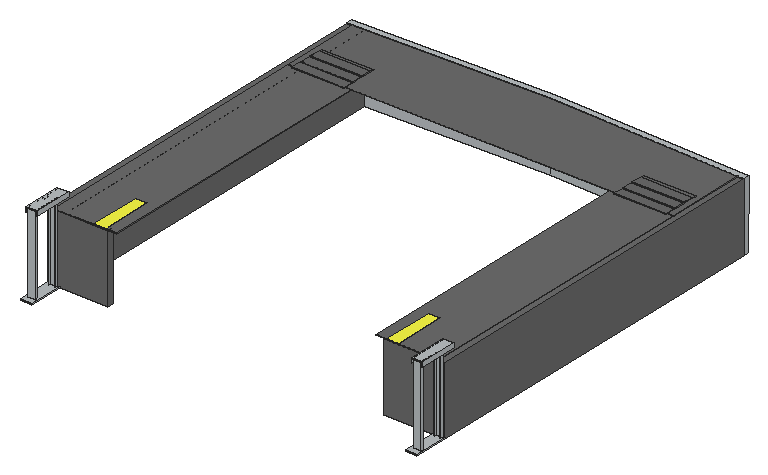
Revit family "DockEquipment_DockShelter_Pentalift_PS-470Ultima", category Generic Models, Revit 2026
Family settings
  Can host rebar = No
  Round Connector Dimension = Use Diameter
  Part Type = Normal
  Work Plane-Based = Yes
  Always vertical = No
  Cut with Voids When Loaded = No
  Maintain Annotation Orientation = No
  Shared = No
  Room Calculation Point = No
Parameters
  offset [instance] = 0' - 10 3/4"
  Warranty Duration (Years) = 0
  Vertical Strip [instance] = yes
  Unit Width [instance] = 11' - 6"
  Unit Height [instance] = 11' - 0"
  Unit Depth_Base [instance] = Unit Depth  # 2' - 0"
  Unit Depth = 2' - 0"
  URL = "http://www.pentalift.com/index.php"
  Strip Length [instance] = if(Full Height Vertical Strips, Unit Height - Drop, 1' 6")  # 1' - 6"
  SteelDepth [instance] = Unit Depth + 0' 4"  # 2' - 4"
  Steel Protective Guards [instance] = yes
  Specification = ""
  SpecWizard = ""
  Send Message = "http://www.arcat.com/users.pl?action=UserEmail&company=Pentalift Equipment Corp.&coid=34752&rep=119&fax=519-763-2894&mf="
  Sales Information = "http://www.pentalift.com/about-us.htm"
  Revision = "R1_01-2012"
  Product Properties = ""
  Product Data = "http://www.arcat.com/arcatcos/cos34/arc34752.html"
  Peak Height = 0' - 2"
  Panel Material = Plastic - Vinyl - Pentalift - Black
  Side Curtain Width [instance] = 2' - 0"
  Full Height Vertical Strips [instance] = no
  Drop [instance] = 2' - 6"
  Model = "As Specified"
  Material = Metal - Steel - Pentalift - Galvanized
  Manufacturer Website = "http://www.pentalift.com/index.php"
  Manufacturer Phone - Toll Free = ""
  Manufacturer Phone = "519-763-3625"
  Manufacturer Fax = "519-763-2894"
  Manufacturer Address = "21 Nicholas Beaver Rd. Guelph, ON, Canada N1H 6H9"
  Manufacturer = "Pentalift Equipment Corp."
  Maintenance Schedule (Months) = 0
  Keynote = "11160"
  Installation-Fabrication = ""
  Installation Phase = ""
  Green Building-LEED = ""
  Expected Lifespan (Years) = 0
  Drawn By = "Sumex Design, Inc. / Robert S. Weygant, CSI, CDT, SCIP"
  Description = "Pentalift Dock Equipment as Specified"
  Default Elevation = 4' - 0"
  Copyright = "©Arcat Inc."
  Construction Details = "http://www.arcat.com/details/pentalif/pentalif.html?coid=34752"
  Clear Width [instance] = 8' - 0"
  Clear Height [instance] = 8' - 0"
  Assembly Code = "E1030300"
Reference planes (in)
  plane 1 "Center (Front/Back)": y = 0
  plane 2 "Bottom": z = 0
  plane 3 "Center (Left/Right)": x = 0
  plane 4 "Front": y = -66
  plane 5 "Back": y = 66
  plane 6 "Left": x = -69
  plane 7 "Right": x = 69
  plane 8 "Top": z = 24
  plane 9: x = -48
  plane 10: x = 48
  plane 11: y = 30
  plane 12: z = 24
  plane 13: y = -66
  plane 14: x = -51
  plane 15: x = 51
  plane 16: y = -18
  plane 17: y = 68
  plane 18: y = 64
  plane 19: y = 66
  plane 20: x = 67
  plane 21: x = -67
  plane 22: x = 45
  plane 23: x = -45
  plane 24: y = 36
Forms (in)
  Sweep 1, solid, material "Plastic - Vinyl - Pentalift - Yellow", visible <- "Vertical Strip"
    path origin (-51, 53.619, 48) x (0, 1, 0) y (0, 0, 1)
      loop
        line (-101.619, -24) -> (-119.619, -24)
    profile origin (-51, -57, 24) x (0, 0, -1) y (1, 0, 0)
      loop
        line (0, -2) -> (0, 2) -> (-0.0625, 2) -> (-0.0625, -2) -> (0, -2)
  Sweep 2, solid, material "Plastic - Vinyl - Pentalift - Yellow", visible <- "Vertical Strip"
    path origin (51, 53.619, 48) x (0, 1, 0) y (0, 0, 1)
      loop
        line (-101.619, -24) -> (-119.619, -24)
    profile origin (51, -57, 24) x (0, 0, -1) y (1, 0, 0)
      loop
        line (0, -2) -> (0, 2) -> (-0.06267, 2) -> (-0.06267, -2) -> (0, -2)
  Extrusion 3, solid, material "Plastic - Vinyl - Pentalift - Black" <- "Panel Material"
    sketch origin (-51.28596, -180, 24) x (-1, 0, 0) y (0, -1, 0)
      loop
        line (15.71404, -216) -> (-118.28596, -216) -> (-118.28596, -244) -> (-51.28596, -246) -> (15.71404, -244) -> (15.71404, -216)
    from 0 to -0.125
  Sweep 4, solid, material "Metal - Steel - Pentalift - Galvanized" <- "Material"
    path origin (0, 0, 0) x (1, 0, 0) y (0, 1, 0)
      loop
        line (-69, 66) -> (0, 68) -> (69, 66)
    profile origin (-34.5, 67, 0) x (-0.028973, 0.99958, 0) y (0, 0, 1)
      loop
        line (0, 0) -> (0, 24) -> (-2, 24) -> (-2, 0) -> (0, 0)
  Extrusion 5, solid, material "Plastic - Vinyl - Pentalift - Black" <- "Panel Material"
    sketch origin (-51.28596, -180, 24) x (-1, 0, 0) y (0, -1, 0)
      loop
        line (15.71404, -114) -> (-6.28596, -114) -> (-6.28596, -216) -> (15.71404, -216) -> (15.71404, -114)
      loop
        line (-118.28596, -114) -> (-118.28596, -216) -> (-96.28596, -216) -> (-96.28596, -114) -> (-118.28596, -114)
    from 0 to -0.125
  Extrusion 6, solid, material "Plastic - Vinyl - Pentalift - Black" <- "Panel Material"
    sketch origin (0, 0, 0) x (1, 0, 0) y (0, 1, 0)
      loop
        line (-67, -66) -> (-48, -66) -> (-48, -64) -> (-67, -64) -> (-67, -66)
      loop
        line (67, -66) -> (67, -64) -> (48, -64) -> (48, -66) -> (67, -66)
    from 0 to 23.75
  Extrusion 7, solid, material "Plastic - Vinyl - Pentalift - Black" <- "Panel Material"
    sketch origin (0, -66, 22.94543) x (0, 0, 1) y (-1, 0, 0)
      loop
        line (-22.94543, 69) -> (-22.94543, 63) -> (0.80457, 63) -> (0.80457, 69) -> (-22.94543, 69)
      loop
        line (-22.94543, -69) -> (0.80457, -69) -> (0.80457, -63) -> (-22.94543, -63) -> (-22.94543, -69)
    from 0 to -130
Cuts and joins
  joined: Extrusion 6, Extrusion 7
Lines and regions (in)
  reference lines
    curve 1: line (-51, 66, 24) -> (-51, -66, 24)
    curve 2: line (-51, 36, 24) -> (-67.25, 36, 24)
Dimensions and locks (in)
  equal spacing: plane 6 "Left", plane 3 "Center (Left/Right)", plane 7 "Right"
  "Unit Width": plane 6 "Left" to plane 7 "Right"
  equal spacing: plane 5 "Back", plane 1 "Center (Front/Back)", plane 4 "Front"
  "Unit Height": plane 5 "Back" to plane 4 "Front"
  "Unit Depth": plane 8 "Top" to level
  equal spacing: plane 9, plane 3 "Center (Left/Right)", plane 10
  "Clear Width": plane 9 to plane 10
  "Clear Height": plane 11 to plane 4 "Front"
  "Unit Depth_Base": plane 12 to level
  locked: plane 4 "Front" to plane 13
  locked: plane 22 to plane 15 at 6
  locked: plane 14 to plane 23 at 6
  "Strip Length": Sweep 1 sketch curve to Sweep 1 sketch curve
  equal spacing: plane 11, plane 16, plane 13
  "Strip Length": Sweep 2 sketch curve to Sweep 2 sketch curve
  "Peak Height": plane 17 to plane 5 "Back"
  "Peak Height": plane 19 to plane 18
  locked: plane 5 "Back" to plane 18 at 2
  locked: plane 20 to plane 7 "Right" at 2
  locked: plane 6 "Left" to plane 21 at 2
  locked: curve 1 to Sweep 1 sketch curve
  locked: curve 1 to Sweep 2 sketch curve
  locked: plane 12 to Extrusion 6 at 0.25
  "Side Curtain Width": plane 6 "Left" to plane 23
  "Side Curtain Width": plane 22 to plane 7 "Right"
  equal spacing: plane 21, nested 3, plane 23
  equal spacing: plane 22, nested 4, plane 20
  "Drop": plane 19 to plane 24
  locked: nested 3 to plane 24 at 12
  locked: nested 4 to plane 24 at 12
  aligned and locked: curve 1 to Sweep 1 sketch curve
  aligned and locked: curve 1 to Sweep 2 sketch curve
  aligned and locked: plane 12 to Sweep 4 sketch curve
  aligned and locked: plane 4 "Front" to nested 2
  aligned and locked: plane 4 "Front" to nested 1
  aligned and locked: nested 1 to plane 6 "Left"
  aligned and locked: nested 2 to plane 7 "Right"
  aligned and locked: plane 18 to Extrusion 7
  aligned and locked: plane 24 to nested 3
  aligned and locked: plane 24 to nested 4
Automatic sketch dimensions
  Sweep 1 sketch curve to profile plane = 0' - 0"
  Sweep 1 sketch curve to Sweep 1 sketch curve = 0' - 0 1/16"
  Sweep 1 sketch curve to plane 14 = 0' - 2"
  plane 14 to Sweep 1 sketch curve = 0' - 2"
  Sweep 2 sketch curve to profile plane = 0' - 0"
  Sweep 2 sketch curve to Sweep 2 sketch curve = 0' - 0.06267"
  Sweep 2 sketch curve to plane 15 = 0' - 2"
  plane 15 to Sweep 2 sketch curve = 0' - 2"
  curve 1 to plane 12 = 0' - 0"
  curve 1 to plane 13 = 0' - 0"
  curve 1 to plane 5 "Back" = 0' - 0"
  curve 1 to plane 8 "Top" = 0' - 0"
  curve 2 to curve 1 = 0' - 0"
  curve 2 to curve 1 = 1' - 4 1/4"
  Sweep 4 sketch curve to plane 3 "Center (Left/Right)" = 0' - 0"
  Sweep 4 sketch curve to plane 17 = 0' - 0"
  Sweep 4 sketch curve to level = 0' - 0"
  Sweep 4 sketch curve to profile plane = 0' - 0"
  profile plane to Sweep 4 sketch curve = 0' - 2"
  Extrusion 3 sketch curve to plane 18 = 0' - 0"  (x2)
  Extrusion 3 sketch curve to plane 20 = 0' - 0"
  Extrusion 3 sketch curve to plane 3 "Center (Left/Right)" = 0' - 0"
  Extrusion 3 sketch curve to plane 21 = 0' - 0"
  Extrusion 3 sketch curve to plane 5 "Back" = 0' - 0"
  Extrusion 6 sketch curve to plane 4 "Front" = 0' - 0"  (x2)
  Extrusion 6 sketch curve to plane 21 = 0' - 0"
  Extrusion 6 sketch curve to plane 9 = 0' - 0"
  Extrusion 6 sketch curve to plane 10 = 0' - 0"
  Extrusion 6 sketch curve to plane 20 = 0' - 0"
  plane 4 "Front" to Extrusion 6 sketch curve = 0' - 2"  (x4)
  Extrusion 5 sketch curve to plane 20 = 0' - 0"
  Extrusion 5 sketch curve to plane 4 "Front" = 0' - 0"  (x2)
  Extrusion 5 sketch curve to plane 22 = 0' - 0"
  Extrusion 5 sketch curve to plane 23 = 0' - 0"
  Sweep 4 sketch curve to plane 5 "Back" = 0' - 0"  (x2)
  Sweep 4 sketch curve to plane 6 "Left" = 0' - 0"
  Sweep 4 sketch curve to plane 7 "Right" = 0' - 0"
  Extrusion 7 sketch curve to level = 0' - 0"  (x2)
  Extrusion 7 sketch curve to plane 6 "Left" = 0' - 0"
  Extrusion 7 sketch curve to plane 8 "Top" = 0' - 0 1/4"  (x2)
  Extrusion 7 sketch curve to plane 7 "Right" = 0' - 0"
  plane 20 to Extrusion 7 sketch curve = 0' - 4"
  Extrusion 7 sketch curve to plane 21 = 0' - 4"
  curve 1 to curve 2 = 2' - 6"
  Extrusion 3 sketch curve to plane 24 = 0' - 0"
  Extrusion 5 sketch curve to plane 24 = 0' - 0"  (x2)
  Extrusion 5 sketch curve to plane 21 = 0' - 0"
Nested families (in)
  nested 1: "SteelGuard" at (-67, -72, 0), visible <- "Steel Protective Guards", type "Seal Flap"
    with offset 0' - 0", Material Metal - Steel - Pentalift - Galvanized, Unit Depth 2' - 4"
  nested 2: "SteelGuard" at (67, -72, 0), visible <- "Steel Protective Guards", type "Seal Flap"
    with offset 0' - 0", Material Metal - Steel - Pentalift - Galvanized, Unit Depth 2' - 4"
  nested 3: "Seal Flaps" at (-56, 42, 24), Material <- "Panel Material", type "4" Exposure"
    with offset 0' - 0", Unit Width 1' - 6", Unit Height 1' - 0", Striped no, Stripe Material Plastic - Vinyl - Pentalift - Yellow, Material Plastic - Vinyl - Pentalift - Black, Flaps 3, Flaps Visible yes, Exposure 0' - 4"
  nested 4: "Seal Flaps" at (56, 42, 24), Material <- "Panel Material", type "4" Exposure"
    with offset 0' - 0", Unit Width 1' - 6", Unit Height 1' - 0", Striped no, Stripe Material Plastic - Vinyl - Pentalift - Yellow, Material Plastic - Vinyl - Pentalift - Black, Flaps 3, Flaps Visible yes, Exposure 0' - 4"
Definition of nested family "SteelGuard"
  Parameters
    offset [instance] = 0' - 0"
    Warranty Duration (Years) = 0
    Unit Width = 0' - 4"
    Unit Height = 1' - 0"
    Unit Depth = 2' - 0"
    URL = ""
    Model = ""
    Material [instance] = none
    Manufacturer = ""
    Maintenance Schedule (Months) = 0
    Keynote = ""
    Installation Phase = ""
    Expected Lifespan (Years) = 0
    Description = ""
    Default Elevation = 4' - 0"
    Assembly Code = ""
  Reference planes (in)
    plane 1 "Center (Front/Back)": y = 0
    plane 2 "Bottom": z = 0
    plane 3 "Center (Left/Right)": x = 0
    plane 4 "Front": y = -6
    plane 5 "Back": y = 6
    plane 6 "Left": x = -2
    plane 7 "Right": x = 2
    plane 8 "Top": z = 24
  Forms (in)
    Extrusion 1, solid, material <- "Material"
      sketch origin (0, 0, 0) x (1, 0, 0) y (0, 1, 0)
        loop
          line (-2, 6) -> (-2, -6) -> (2, -6) -> (2, 6) -> (-2, 6)
      from 0 to 0.25
    Extrusion 2, solid, material <- "Material"
      sketch origin (0, 6, 0) x (-1, 0, 0) y (0, 0, 1)
        loop
          line (2, 24) -> (-2, 24) -> (-2, 22.5) -> (-1.75, 22.5) -> (-1.75, 23.75) -> (1.75, 23.75) -> (1.75, 22.5) -> (2, 22.5) -> (2, 24)
      from 4 to -9.5
    Sweep 3, solid, material <- "Material"
      path origin (0, 0, 0) x (0, 1, 0) y (0, 0, 1)
        loop
          line (6, 0) -> (6, 23.75) -> (-3.5, 23.75) -> (-3.5, 0.25)
      profile origin (0, 6, 11.875) x (0, -1, 0) y (1, 0, 0)
        loop
          line (0, -1.25) -> (0.75, -1.25) -> (0.75, -1) -> (0.25, -1) -> (0.25, 1) -> (0.75, 1) -> (0.75, 1.25) -> (0, 1.25) -> (0, -1.25)
  Cuts and joins
    joined: Extrusion 1, Sweep 3
  Dimensions and locks (in)
    equal spacing: plane 6 "Left", plane 3 "Center (Left/Right)", plane 7 "Right"
    "Unit Width": plane 6 "Left" to plane 7 "Right"
    equal spacing: plane 5 "Back", plane 1 "Center (Front/Back)", plane 4 "Front"
    "Unit Height": plane 5 "Back" to plane 4 "Front"
    "Unit Depth": plane 8 "Top" to level
    aligned: Extrusion 2 to cut or joined group of Extrusion 1, Sweep 3
  Automatic sketch dimensions
    Extrusion 1 sketch curve to plane 4 "Front" = 0' - 0"
    Extrusion 1 sketch curve to plane 6 "Left" = 0' - 0"
    Extrusion 1 sketch curve to plane 7 "Right" = 0' - 0"
    Extrusion 1 sketch curve to plane 5 "Back" = 0' - 0"
    Extrusion 2 sketch curve to plane 7 "Right" = 0' - 0"
    Extrusion 2 sketch curve to plane 6 "Left" = 0' - 0"
    Extrusion 2 sketch curve to plane 8 "Top" = 0' - 0"
    Extrusion 2 sketch curve to plane 7 "Right" = 0' - 0 1/4"
    Extrusion 2 sketch curve to Extrusion 2 sketch curve = 0' - 0 1/4"
    Extrusion 2 sketch curve to plane 8 "Top" = 0' - 0 1/4"
    Extrusion 2 sketch curve to Extrusion 2 sketch curve = 0' - 1 1/4"  (x2)
    Sweep 3 sketch curve to profile plane = 0' - 0"
    Sweep 3 sketch curve to profile plane = 0' - 0 1/4"
    Sweep 3 sketch curve to Sweep 3 sketch curve = 0' - 0 1/2"  (x2)
    Sweep 3 sketch curve to plane 3 "Center (Left/Right)" = 0' - 1"
    Sweep 3 sketch curve to Sweep 3 sketch curve = 0' - 0 1/4"  (x2)
    plane 3 "Center (Left/Right)" to Sweep 3 sketch curve = 0' - 1"
    Sweep 3 sketch curve to plane 5 "Back" = 0' - 0"
    Sweep 3 sketch curve to level = 0' - 0"
    Sweep 3 sketch curve to plane 8 "Top" = 0' - 0 1/4"
    plane 1 "Center (Front/Back)" to Sweep 3 sketch curve = 0' - 3 1/2"
    level to Sweep 3 sketch curve = 0' - 0 1/4"
    plane 4 "Front" to Sweep 3 sketch curve = 0' - 2 1/2"
Definition of nested family "Seal Flaps"
  Parameters
    offset [instance] = 0' - 0"
    Warranty Duration (Years) = 0
    Unit Width [instance] = 1' - 0"
    Unit Height [instance] = 6' - 0"
    Unit Depth = 0' - 4"
    URL = ""
    Striped [instance] = yes
    Stripe Material [instance] = none
    Model = "As Specified"
    Material [instance] = none
    Manufacturer = ""
    Maintenance Schedule (Months) = 0
    Keynote = ""
    Installation Phase = ""
    Flaps Visible = no
    Flaps [instance] = (Unit Height - 0' 1") / Exposure  # 4
    Exposure = 1' - 4"
    Expected Lifespan (Years) = 0
    Description = ""
    Default Elevation = 4' - 0"
    Assembly Code = ""
  Reference planes (in)
    plane 1 "Center (Front/Back)": y = 0
    plane 2 "Bottom": z = 0
    plane 3 "Center (Left/Right)": x = 0
    plane 4 "Front": y = -36
    plane 5 "Back": y = 36
    plane 6 "Left": x = -6
    plane 7 "Right": x = 6
    plane 8 "Top": z = 4
  Dimensions and locks (in)
    equal spacing: plane 6 "Left", plane 3 "Center (Left/Right)", plane 7 "Right"
    "Unit Width": plane 6 "Left" to plane 7 "Right"
    equal spacing: plane 5 "Back", plane 1 "Center (Front/Back)", plane 4 "Front"
    "Unit Height": plane 5 "Back" to plane 4 "Front"
    "Unit Depth": plane 8 "Top" to level
    equal spacing: group 1, group 2, group 3, group 4  (x2)
    equal spacing: group 4, group 3, group 2, group 1
    "Exposure": plane 5 "Back" to nested 2
    aligned and locked: plane 5 "Back" to nested 1
    aligned and locked: plane 3 "Center (Left/Right)" to nested 1
    aligned and locked: plane 3 "Center (Left/Right)" to nested 2
  Nested families (in)
    nested 1: "Seal Flap" at (0, 27, 0), Unit Width <- "Unit Width", Unit Height <- "Exposure", Material <- "Material", visible <- "Flaps Visible", Stripe <- "Striped", Stripe Material <- "Stripe Material", type "Seal Flap"
      with offset 0' - 0", Unit Width 1' - 0", Unit Height 1' - 4", Unit Depth 0' - 0 1/4", Stripe Material none, Stripe yes, Material none
    nested 2: "Seal Flap" at (0, 11, 0), Unit Width <- "Unit Width", Unit Height <- "Exposure", Material <- "Material", visible <- "Flaps Visible", Stripe <- "Striped", Stripe Material <- "Stripe Material", type "Seal Flap"
      with offset 0' - 0", Unit Width 1' - 0", Unit Height 1' - 4", Unit Depth 0' - 0 1/4", Stripe Material none, Stripe yes, Material none
    nested 3: "Seal Flap" at (0, -5, 0), Unit Width <- "Unit Width", Unit Height <- "Exposure", Material <- "Material", visible <- "Flaps Visible", Stripe <- "Striped", Stripe Material <- "Stripe Material", type "Seal Flap"
      with offset 0' - 0", Unit Width 1' - 0", Unit Height 1' - 4", Unit Depth 0' - 0 1/4", Stripe Material none, Stripe yes, Material none
    nested 4: "Seal Flap" at (0, -21, 0), Unit Width <- "Unit Width", Unit Height <- "Exposure", Material <- "Material", visible <- "Flaps Visible", Stripe <- "Striped", Stripe Material <- "Stripe Material", type "Seal Flap"
      with offset 0' - 0", Unit Width 1' - 0", Unit Height 1' - 4", Unit Depth 0' - 0 1/4", Stripe Material none, Stripe yes, Material none
  Definition of nested family "Seal Flap"
    Parameters
      offset [instance] = 0' - 0"
      Warranty Duration (Years) = 0
      Unit Width [instance] = 1' - 0"
      Unit Height [instance] = 0' - 4"
      Unit Depth [instance] = 0' - 0 1/4"  # constant formula
      URL = "http://www.supersealmfg.com/"
      Stripe Material [instance] = none
      Stripe [instance] = yes
      Specification = ""
      SpecWizard = ""
      Send Message = "http://www.arcat.com/users.pl?action=UserEmail&company=Super-Seal%20Mfg.%20Ltd&coid=44693&rep=119&fax=905-850-4440 &mf="
      Sales Information = "http://www.supersealmfg.com/ContactUs.htm"
      Revision = "R1_07-2011"
      Product Properties = ""
      Product Data = "http://arcat.com/arcatcos/cos44/arc44693.html?isac=1&r=1"
      Model = "As Specified"
      Material [instance] = none
      Manufacturer Website = "http://www.supersealmfg.com/"
      Manufacturer Phone - Toll Free = "800-337-3239 "
      Manufacturer Phone = "800-337-3239 "
      Manufacturer Fax = "905-850-4440 "
      Manufacturer Address = "670 Rowntree Dairy Rd. Woodbridge , ON, Canada L4L-5T8"
      Manufacturer = "Super-Seal Mfg. Ltd"
      Maintenance Schedule (Months) = 0
      Keynote = ""
      Installation-Fabrication = ""
      Installation Phase = ""
      Green Building-LEED = ""
      Expected Lifespan (Years) = 0
      Drawn By = "Sumex Design, Inc. / Robert S. Weygant, CSI, CDT, SCIP"
      Description = "Super Seal"
      Default Elevation = 0' - 0"
      Copyright = "©Arcat Inc."
      Construction Details = "http://arcat.com/details/supersea/supersea.html?coid=44693"
      Assembly Code = ""
    Reference planes (in)
      plane 1 "Center (Front/Back)": y = 0
      plane 2 "Bottom": z = 0
      plane 3 "Center (Left/Right)": x = 0
      plane 4 "Front": y = -2
      plane 5 "Back": y = 2
      plane 6 "Left": x = -6
      plane 7 "Right": x = 6
      plane 8 "Top": z = 0.25
    Forms (in)
      Sweep 1, solid, material <- "Material"
        path origin (0, 0, 0) x (0, 1, 0) y (0, 0, 1)
          loop
            line (-2, 0.25) -> (2, 0) -> (3, 0)
        profile origin (0, 0, 0.125) x (0, 0.062378, 0.998053) y (1, 0, 0)
          loop
            line (0, -6) -> (0.125, -6) -> (0.125, 6) -> (0, 6) -> (0, -6)
      Sweep 2, solid, material <- "Stripe Material", visible <- "Stripe"
        path origin (0, 0, 0) x (0, 1, 0) y (0, 0, 1)
          loop
            line (-2, 0.25) -> (2, 0) -> (3, 0)
        profile origin (0, 0, 0.125) x (0, 0.062378, 0.998053) y (1, 0, 0)
          loop
            line (0.1875, -2) -> (0.1875, 2) -> (0.125, 2) -> (0.125, -2) -> (0.1875, -2)
    Dimensions and locks (in)
      equal spacing: plane 6 "Left", plane 3 "Center (Left/Right)", plane 7 "Right"
      "Unit Width": plane 6 "Left" to plane 7 "Right"
      equal spacing: plane 5 "Back", plane 1 "Center (Front/Back)", plane 4 "Front"
      "Unit Height": plane 5 "Back" to plane 4 "Front"
      "Unit Depth": plane 8 "Top" to level
      aligned and locked: plane 7 "Right" to Sweep 1 sketch curve
      aligned and locked: Sweep 1 sketch curve to plane 6 "Left"
    Automatic sketch dimensions
      Sweep 1 sketch curve to plane 4 "Front" = 0' - 0"
      Sweep 1 sketch curve to level = 0' - 0"
      Sweep 1 sketch curve to plane 5 "Back" = 0' - 0"
      Sweep 1 sketch curve to plane 8 "Top" = 0' - 0"
      plane 5 "Back" to Sweep 1 sketch curve = 0' - 1"
      Sweep 1 sketch curve to profile plane = 0' - 0"
      Sweep 1 sketch curve to profile plane = 0' - 0 1/8"
      Sweep 2 sketch curve to plane 4 "Front" = 0' - 0"
      Sweep 2 sketch curve to level = 0' - 0"
      Sweep 2 sketch curve to plane 5 "Back" = 0' - 0"
      Sweep 2 sketch curve to plane 8 "Top" = 0' - 0"
      Sweep 2 sketch curve to Sweep 2 sketch curve = 0' - 1"
      Sweep 2 sketch curve to profile plane = 0' - 0 1/8"
      Sweep 2 sketch curve to Sweep 2 sketch curve = 0' - 0 1/16"
      Sweep 2 sketch curve to plane 3 "Center (Left/Right)" = 0' - 2"
      plane 3 "Center (Left/Right)" to Sweep 2 sketch curve = 0' - 2"
